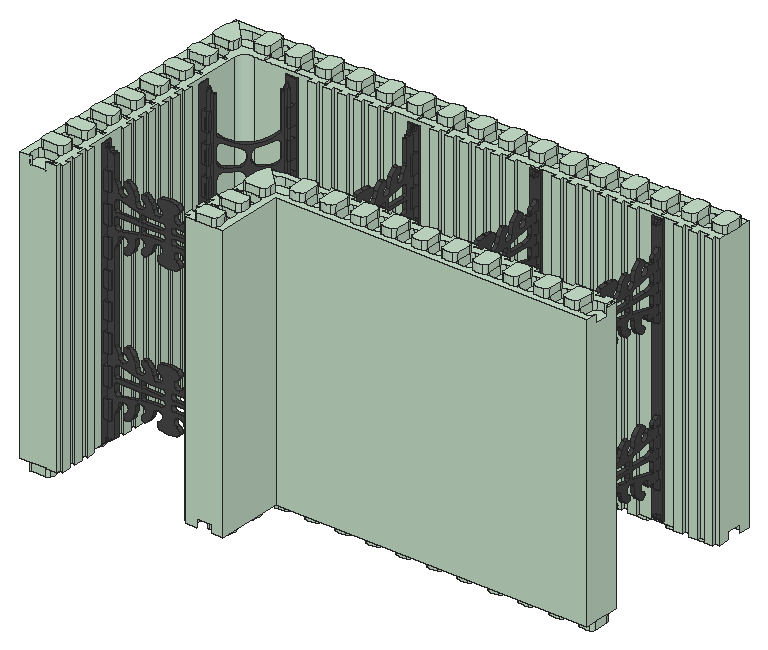
Revit family "ICF- NUDURA 8-inch- 90 Degree Form Unit- Imperial", category Generic Models, Revit 2011 (continued)
Forms (in)
  Extrusion 50, void
    sketch origin (5, 1, 0) x (-1, 0, 0) y (0, -1, 0)
      loop
        arc (-1.9334, -3.80702) -> (-1.98276, -3.88568) -> (-2, -3.97692) r 0.25
        line (-2, -3.97692) -> (-2, -4.89808)
        arc (-2, -4.89808) -> (-1.95215, -5.04517) -> (-1.82692, -5.13595) r 0.25
    from 0 to 0.5
  Extrusion 51, void
    sketch origin (7, 1, 0) x (-1, 0, 0) y (0, -1, 0)
      loop
        arc (-1.82692, -5.13595) -> (-1.5, -5.1875) -> (-1.17308, -5.13595) r 1.0625
        arc (-1.17308, -5.13595) -> (-1.04785, -5.04517) -> (-1, -4.89808) r 0.25
        line (-1, -4.89808) -> (-1, -3.97692)
        arc (-1, -3.97692) -> (-1.04785, -3.82983) -> (-1.17308, -3.73905) r 0.25
        arc (-1.17308, -3.73905) -> (-1.42092, -3.69045) -> (-1.67323, -3.70172) r 1.0625
        arc (-1.67323, -3.70172) -> (-1.72385, -3.68771) -> (-1.74592, -3.64005) r 0.0625
        line (-1.74592, -3.64005) -> (-1.74592, -3.41845) -> (-1.91675, -3.41845) -> (-1.91675, -3.76455)
        arc (-1.91675, -3.76455) -> (-1.92106, -3.78736) -> (-1.9334, -3.80702) r 0.0625
        arc (-1.9334, -3.80702) -> (-1.98276, -3.88568) -> (-2, -3.97692) r 0.25
        line (-2, -3.97692) -> (-2, -4.89808)
        arc (-2, -4.89808) -> (-1.95215, -5.04517) -> (-1.82692, -5.13595) r 0.25
    from 0 to 0.5
  Extrusion 52, void
    sketch origin (9, 1, 0) x (-1, 0, 0) y (0, -1, 0)
      loop
        arc (-1.82692, -5.13595) -> (-1.5, -5.1875) -> (-1.17308, -5.13595) r 1.0625
        arc (-1.17308, -5.13595) -> (-1.04785, -5.04517) -> (-1, -4.89808) r 0.25
        line (-1, -4.89808) -> (-1, -3.97692)
        arc (-1, -3.97692) -> (-1.04785, -3.82983) -> (-1.17308, -3.73905) r 0.25
        arc (-1.17308, -3.73905) -> (-1.42092, -3.69045) -> (-1.67323, -3.70172) r 1.0625
        arc (-1.67323, -3.70172) -> (-1.72385, -3.68771) -> (-1.74592, -3.64005) r 0.0625
        line (-1.74592, -3.64005) -> (-1.74592, -3.41845) -> (-1.91675, -3.41845) -> (-1.91675, -3.76455)
        arc (-1.91675, -3.76455) -> (-1.92106, -3.78736) -> (-1.9334, -3.80702) r 0.0625
        arc (-1.9334, -3.80702) -> (-1.98276, -3.88568) -> (-2, -3.97692) r 0.25
        line (-2, -3.97692) -> (-2, -4.89808)
        arc (-2, -4.89808) -> (-1.95215, -5.04517) -> (-1.82692, -5.13595) r 0.25
    from 0 to 0.5
  Extrusion 53, void
    sketch origin (11, 1, 0) x (-1, 0, 0) y (0, -1, 0)
      loop
        arc (-1.82692, -5.13595) -> (-1.5, -5.1875) -> (-1.17308, -5.13595) r 1.0625
        arc (-1.17308, -5.13595) -> (-1.04785, -5.04517) -> (-1, -4.89808) r 0.25
        line (-1, -4.89808) -> (-1, -3.97692)
        arc (-1, -3.97692) -> (-1.04785, -3.82983) -> (-1.17308, -3.73905) r 0.25
        arc (-1.17308, -3.73905) -> (-1.42092, -3.69045) -> (-1.67323, -3.70172) r 1.0625
        arc (-1.67323, -3.70172) -> (-1.72385, -3.68771) -> (-1.74592, -3.64005) r 0.0625
        line (-1.74592, -3.64005) -> (-1.74592, -3.41845) -> (-1.91675, -3.41845) -> (-1.91675, -3.76455)
        arc (-1.91675, -3.76455) -> (-1.92106, -3.78736) -> (-1.9334, -3.80702) r 0.0625
        arc (-1.9334, -3.80702) -> (-1.98276, -3.88568) -> (-2, -3.97692) r 0.25
        line (-2, -3.97692) -> (-2, -4.89808)
        arc (-2, -4.89808) -> (-1.95215, -5.04517) -> (-1.82692, -5.13595) r 0.25
    from 0 to 0.5
  Extrusion 54, void
    sketch origin (13, 1, 0) x (-1, 0, 0) y (0, -1, 0)
      loop
        arc (-1.82692, -5.13595) -> (-1.5, -5.1875) -> (-1.17308, -5.13595) r 1.0625
        arc (-1.17308, -5.13595) -> (-1.04785, -5.04517) -> (-1, -4.89808) r 0.25
        line (-1, -4.89808) -> (-1, -3.97692)
        arc (-1, -3.97692) -> (-1.04785, -3.82983) -> (-1.17308, -3.73905) r 0.25
        arc (-1.17308, -3.73905) -> (-1.42092, -3.69045) -> (-1.67323, -3.70172) r 1.0625
        arc (-1.67323, -3.70172) -> (-1.72385, -3.68771) -> (-1.74592, -3.64005) r 0.0625
        line (-1.74592, -3.64005) -> (-1.74592, -3.41845) -> (-1.91675, -3.41845) -> (-1.91675, -3.76455)
        arc (-1.91675, -3.76455) -> (-1.92106, -3.78736) -> (-1.9334, -3.80702) r 0.0625
        arc (-1.9334, -3.80702) -> (-1.98276, -3.88568) -> (-2, -3.97692) r 0.25
        line (-2, -3.97692) -> (-2, -4.89808)
        arc (-2, -4.89808) -> (-1.95215, -5.04517) -> (-1.82692, -5.13595) r 0.25
    from 0 to 0.5
  Extrusion 55, void
    sketch origin (15, 1, 0) x (-1, 0, 0) y (0, -1, 0)
      loop
        arc (-1.82692, -5.13595) -> (-1.5, -5.1875) -> (-1.17308, -5.13595) r 1.0625
        arc (-1.17308, -5.13595) -> (-1.04785, -5.04517) -> (-1, -4.89808) r 0.25
        line (-1, -4.89808) -> (-1, -3.97692)
        arc (-1, -3.97692) -> (-1.04785, -3.82983) -> (-1.17308, -3.73905) r 0.25
        arc (-1.17308, -3.73905) -> (-1.42092, -3.69045) -> (-1.67323, -3.70172) r 1.0625
        arc (-1.67323, -3.70172) -> (-1.72385, -3.68771) -> (-1.74592, -3.64005) r 0.0625
        line (-1.74592, -3.64005) -> (-1.74592, -3.41845) -> (-1.91675, -3.41845) -> (-1.91675, -3.76455)
        arc (-1.91675, -3.76455) -> (-1.92106, -3.78736) -> (-1.9334, -3.80702) r 0.0625
        arc (-1.9334, -3.80702) -> (-1.98276, -3.88568) -> (-2, -3.97692) r 0.25
        line (-2, -3.97692) -> (-2, -4.89808)
        arc (-2, -4.89808) -> (-1.95215, -5.04517) -> (-1.82692, -5.13595) r 0.25
    from 0 to 0.5
  Extrusion 56, void
    sketch origin (17, 1, 0) x (-1, 0, 0) y (0, -1, 0)
      loop
        arc (-1.82692, -5.13595) -> (-1.5, -5.1875) -> (-1.17308, -5.13595) r 1.0625
        arc (-1.17308, -5.13595) -> (-1.04785, -5.04517) -> (-1, -4.89808) r 0.25
        line (-1, -4.89808) -> (-1, -3.97692)
        arc (-1, -3.97692) -> (-1.04785, -3.82983) -> (-1.17308, -3.73905) r 0.25
        arc (-1.17308, -3.73905) -> (-1.42092, -3.69045) -> (-1.67323, -3.70172) r 1.0625
        arc (-1.67323, -3.70172) -> (-1.72385, -3.68771) -> (-1.74592, -3.64005) r 0.0625
        line (-1.74592, -3.64005) -> (-1.74592, -3.41845) -> (-1.91675, -3.41845) -> (-1.91675, -3.76455)
        arc (-1.91675, -3.76455) -> (-1.92106, -3.78736) -> (-1.9334, -3.80702) r 0.0625
        arc (-1.9334, -3.80702) -> (-1.98276, -3.88568) -> (-2, -3.97692) r 0.25
        line (-2, -3.97692) -> (-2, -4.89808)
        arc (-2, -4.89808) -> (-1.95215, -5.04517) -> (-1.82692, -5.13595) r 0.25
    from 0 to 0.5
  Extrusion 57, void
    sketch origin (19, 1, 0) x (-1, 0, 0) y (0, -1, 0)
      loop
        arc (-1.82692, -5.13595) -> (-1.5, -5.1875) -> (-1.17308, -5.13595) r 1.0625
        arc (-1.17308, -5.13595) -> (-1.04785, -5.04517) -> (-1, -4.89808) r 0.25
        line (-1, -4.89808) -> (-1, -3.97692)
        arc (-1, -3.97692) -> (-1.04785, -3.82983) -> (-1.17308, -3.73905) r 0.25
        arc (-1.17308, -3.73905) -> (-1.42092, -3.69045) -> (-1.67323, -3.70172) r 1.0625
        arc (-1.67323, -3.70172) -> (-1.72385, -3.68771) -> (-1.74592, -3.64005) r 0.0625
        line (-1.74592, -3.64005) -> (-1.74592, -3.41845) -> (-1.91675, -3.41845) -> (-1.91675, -3.76455)
        arc (-1.91675, -3.76455) -> (-1.92106, -3.78736) -> (-1.9334, -3.80702) r 0.0625
        arc (-1.9334, -3.80702) -> (-1.98276, -3.88568) -> (-2, -3.97692) r 0.25
        line (-2, -3.97692) -> (-2, -4.89808)
        arc (-2, -4.89808) -> (-1.95215, -5.04517) -> (-1.82692, -5.13595) r 0.25
    from 0 to 0.5
  Extrusion 58, void
    sketch origin (21, 1, 0) x (-1, 0, 0) y (0, -1, 0)
      loop
        arc (-1.82692, -5.13595) -> (-1.5, -5.1875) -> (-1.17308, -5.13595) r 1.0625
        arc (-1.17308, -5.13595) -> (-1.04785, -5.04517) -> (-1, -4.89808) r 0.25
        line (-1, -4.89808) -> (-1, -3.97692)
        arc (-1, -3.97692) -> (-1.04785, -3.82983) -> (-1.17308, -3.73905) r 0.25
        arc (-1.17308, -3.73905) -> (-1.42092, -3.69045) -> (-1.67323, -3.70172) r 1.0625
        arc (-1.67323, -3.70172) -> (-1.72385, -3.68771) -> (-1.74592, -3.64005) r 0.0625
        line (-1.74592, -3.64005) -> (-1.74592, -3.41845) -> (-1.91675, -3.41845) -> (-1.91675, -3.76455)
        arc (-1.91675, -3.76455) -> (-1.92106, -3.78736) -> (-1.9334, -3.80702) r 0.0625
        arc (-1.9334, -3.80702) -> (-1.98276, -3.88568) -> (-2, -3.97692) r 0.25
        line (-2, -3.97692) -> (-2, -4.89808)
        arc (-2, -4.89808) -> (-1.95215, -5.04517) -> (-1.82692, -5.13595) r 0.25
    from 0 to 0.5
  Extrusion 59, void
    sketch origin (23, 1, 0) x (-1, 0, 0) y (0, -1, 0)
      loop
        arc (-1.82692, -5.13595) -> (-1.5, -5.1875) -> (-1.17308, -5.13595) r 1.0625
        arc (-1.17308, -5.13595) -> (-1.04785, -5.04517) -> (-1, -4.89808) r 0.25
        line (-1, -4.89808) -> (-1, -3.97692)
        arc (-1, -3.97692) -> (-1.04785, -3.82983) -> (-1.17308, -3.73905) r 0.25
        arc (-1.17308, -3.73905) -> (-1.42092, -3.69045) -> (-1.67323, -3.70172) r 1.0625
        arc (-1.67323, -3.70172) -> (-1.72385, -3.68771) -> (-1.74592, -3.64005) r 0.0625
        line (-1.74592, -3.64005) -> (-1.74592, -3.41845) -> (-1.91675, -3.41845) -> (-1.91675, -3.76455)
        arc (-1.91675, -3.76455) -> (-1.92106, -3.78736) -> (-1.9334, -3.80702) r 0.0625
        arc (-1.9334, -3.80702) -> (-1.98276, -3.88568) -> (-2, -3.97692) r 0.25
        line (-2, -3.97692) -> (-2, -4.89808)
        arc (-2, -4.89808) -> (-1.95215, -5.04517) -> (-1.82692, -5.13595) r 0.25
    from 0 to 0.5
  Extrusion 60, void
    sketch origin (1, -19, 0) x (1, 0, 0) y (0, 1, 0)
      loop
        arc (3.97692, 9) -> (3.82983, 8.95215) -> (3.73905, 8.82692) r 0.25
        arc (3.73905, 8.82692) -> (3.69045, 8.57908) -> (3.70172, 8.32677) r 1.0625
        arc (3.70172, 8.32677) -> (3.68771, 8.27615) -> (3.64005, 8.25408) r 0.0625
        line (3.64005, 8.25408) -> (3.41845, 8.25408) -> (3.41845, 8.08325) -> (3.76455, 8.08325)
        arc (3.76455, 8.08325) -> (3.78736, 8.07894) -> (3.80702, 8.0666) r 0.0625
        arc (3.80702, 8.0666) -> (3.88568, 8.01724) -> (3.97692, 8) r 0.25
        line (3.97692, 8) -> (4.89808, 8)
        arc (4.89808, 8) -> (5.04517, 8.04785) -> (5.13595, 8.17308) r 0.25
        arc (5.13595, 8.17308) -> (5.1875, 8.5) -> (5.13595, 8.82692) r 1.0625
        arc (5.13595, 8.82692) -> (5.04517, 8.95215) -> (4.89808, 9) r 0.25
        line (4.89808, 9) -> (3.97692, 9)
    from 0 to 0.5
  Extrusion 61, void
    sketch origin (1, -17, 0) x (1, 0, 0) y (0, 1, 0)
      loop
        arc (3.97692, 9) -> (3.82983, 8.95215) -> (3.73905, 8.82692) r 0.25
        arc (3.73905, 8.82692) -> (3.69045, 8.57908) -> (3.70172, 8.32677) r 1.0625
        arc (3.70172, 8.32677) -> (3.68771, 8.27615) -> (3.64005, 8.25408) r 0.0625
        line (3.64005, 8.25408) -> (3.41845, 8.25408) -> (3.41845, 8.08325) -> (3.76455, 8.08325)
        arc (3.76455, 8.08325) -> (3.78736, 8.07894) -> (3.80702, 8.0666) r 0.0625
        arc (3.80702, 8.0666) -> (3.88568, 8.01724) -> (3.97692, 8) r 0.25
        line (3.97692, 8) -> (4.89808, 8)
        arc (4.89808, 8) -> (5.04517, 8.04785) -> (5.13595, 8.17308) r 0.25
        arc (5.13595, 8.17308) -> (5.1875, 8.5) -> (5.13595, 8.82692) r 1.0625
        arc (5.13595, 8.82692) -> (5.04517, 8.95215) -> (4.89808, 9) r 0.25
        line (4.89808, 9) -> (3.97692, 9)
    from 0 to 0.5
  Extrusion 62, void
    sketch origin (1, -1, 0) x (0, -1, 0) y (1, 0, 0)
      loop
        line (4.6875, 3.6875) -> (5.5, 3.6875)
        arc (5.5, 3.6875) -> (5.58691, 3.69106) -> (5.67323, 3.70172) r 1.0625
        arc (5.67323, 3.70172) -> (5.72385, 3.68771) -> (5.74592, 3.64005) r 0.0625
        line (5.74592, 3.64005) -> (5.74592, 3.41845) -> (5.91675, 3.41845) -> (5.91675, 3.76455)
        arc (5.91675, 3.76455) -> (5.92106, 3.78736) -> (5.9334, 3.80702) r 0.0625
        arc (5.9334, 3.80702) -> (5.98276, 3.88568) -> (6, 3.97692) r 0.25
        line (6, 3.97692) -> (6, 4.89808)
        arc (6, 4.89808) -> (5.95215, 5.04517) -> (5.82692, 5.13595) r 0.25
        arc (5.82692, 5.13595) -> (5.66548, 5.17453) -> (5.5, 5.1875) r 1.0625
        line (5.5, 5.1875) -> (5.1875, 5.1875) -> (3.98039, 3.98039)
        arc (3.98039, 3.98039) -> (4.30482, 3.76362) -> (4.6875, 3.6875) r 1
    from 0 to 0.5
  Extrusion 63, void
    sketch origin (15, -1, 0) x (-1, 0, 0) y (0, -1, 0)
      loop
        arc (7, 3.97692) -> (7.04785, 3.82983) -> (7.17308, 3.73905) r 0.25
        arc (7.17308, 3.73905) -> (7.42092, 3.69045) -> (7.67323, 3.70172) r 1.0625
        arc (7.67323, 3.70172) -> (7.72385, 3.68771) -> (7.74592, 3.64005) r 0.0625
        line (7.74592, 3.64005) -> (7.74592, 3.41845) -> (7.91675, 3.41845) -> (7.91675, 3.76455)
        arc (7.91675, 3.76455) -> (7.92106, 3.78736) -> (7.9334, 3.80702) r 0.0625
        arc (7.9334, 3.80702) -> (7.98276, 3.88568) -> (8, 3.97692) r 0.25
        line (8, 3.97692) -> (8, 4.89808)
        arc (8, 4.89808) -> (7.95215, 5.04517) -> (7.82692, 5.13595) r 0.25
        arc (7.82692, 5.13595) -> (7.5, 5.1875) -> (7.17308, 5.13595) r 1.0625
        arc (7.17308, 5.13595) -> (7.04785, 5.04517) -> (7, 4.89808) r 0.25
        line (7, 4.89808) -> (7, 3.97692)
    from 0 to 0.5
  Extrusion 64, void
    sketch origin (17, -1, 0) x (-1, 0, 0) y (0, -1, 0)
      loop
        arc (7, 3.97692) -> (7.04785, 3.82983) -> (7.17308, 3.73905) r 0.25
        arc (7.17308, 3.73905) -> (7.42092, 3.69045) -> (7.67323, 3.70172) r 1.0625
        arc (7.67323, 3.70172) -> (7.72385, 3.68771) -> (7.74592, 3.64005) r 0.0625
        line (7.74592, 3.64005) -> (7.74592, 3.41845) -> (7.91675, 3.41845) -> (7.91675, 3.76455)
        arc (7.91675, 3.76455) -> (7.92106, 3.78736) -> (7.9334, 3.80702) r 0.0625
        arc (7.9334, 3.80702) -> (7.98276, 3.88568) -> (8, 3.97692) r 0.25
        line (8, 3.97692) -> (8, 4.89808)
        arc (8, 4.89808) -> (7.95215, 5.04517) -> (7.82692, 5.13595) r 0.25
        arc (7.82692, 5.13595) -> (7.5, 5.1875) -> (7.17308, 5.13595) r 1.0625
        arc (7.17308, 5.13595) -> (7.04785, 5.04517) -> (7, 4.89808) r 0.25
        line (7, 4.89808) -> (7, 3.97692)
    from 0 to 0.5
  Extrusion 65, void
    sketch origin (19, -1, 0) x (-1, 0, 0) y (0, -1, 0)
      loop
        arc (7, 3.97692) -> (7.04785, 3.82983) -> (7.17308, 3.73905) r 0.25
        arc (7.17308, 3.73905) -> (7.42092, 3.69045) -> (7.67323, 3.70172) r 1.0625
        arc (7.67323, 3.70172) -> (7.72385, 3.68771) -> (7.74592, 3.64005) r 0.0625
        line (7.74592, 3.64005) -> (7.74592, 3.41845) -> (7.91675, 3.41845) -> (7.91675, 3.76455)
        arc (7.91675, 3.76455) -> (7.92106, 3.78736) -> (7.9334, 3.80702) r 0.0625
        arc (7.9334, 3.80702) -> (7.98276, 3.88568) -> (8, 3.97692) r 0.25
        line (8, 3.97692) -> (8, 4.89808)
        arc (8, 4.89808) -> (7.95215, 5.04517) -> (7.82692, 5.13595) r 0.25
        arc (7.82692, 5.13595) -> (7.5, 5.1875) -> (7.17308, 5.13595) r 1.0625
        arc (7.17308, 5.13595) -> (7.04785, 5.04517) -> (7, 4.89808) r 0.25
        line (7, 4.89808) -> (7, 3.97692)
    from 0 to 0.5
  Extrusion 66, void
    sketch origin (21, -1, 0) x (-1, 0, 0) y (0, -1, 0)
      loop
        arc (7, 3.97692) -> (7.04785, 3.82983) -> (7.17308, 3.73905) r 0.25
        arc (7.17308, 3.73905) -> (7.42092, 3.69045) -> (7.67323, 3.70172) r 1.0625
        arc (7.67323, 3.70172) -> (7.72385, 3.68771) -> (7.74592, 3.64005) r 0.0625
        line (7.74592, 3.64005) -> (7.74592, 3.41845) -> (7.91675, 3.41845) -> (7.91675, 3.76455)
        arc (7.91675, 3.76455) -> (7.92106, 3.78736) -> (7.9334, 3.80702) r 0.0625
        arc (7.9334, 3.80702) -> (7.98276, 3.88568) -> (8, 3.97692) r 0.25
        line (8, 3.97692) -> (8, 4.89808)
        arc (8, 4.89808) -> (7.95215, 5.04517) -> (7.82692, 5.13595) r 0.25
        arc (7.82692, 5.13595) -> (7.5, 5.1875) -> (7.17308, 5.13595) r 1.0625
        arc (7.17308, 5.13595) -> (7.04785, 5.04517) -> (7, 4.89808) r 0.25
        line (7, 4.89808) -> (7, 3.97692)
    from 0 to 0.5
  Extrusion 67, void
    sketch origin (23, -1, 0) x (-1, 0, 0) y (0, -1, 0)
      loop
        arc (7, 3.97692) -> (7.04785, 3.82983) -> (7.17308, 3.73905) r 0.25
        arc (7.17308, 3.73905) -> (7.42092, 3.69045) -> (7.67323, 3.70172) r 1.0625
        arc (7.67323, 3.70172) -> (7.72385, 3.68771) -> (7.74592, 3.64005) r 0.0625
        line (7.74592, 3.64005) -> (7.74592, 3.41845) -> (7.91675, 3.41845) -> (7.91675, 3.76455)
        arc (7.91675, 3.76455) -> (7.92106, 3.78736) -> (7.9334, 3.80702) r 0.0625
        arc (7.9334, 3.80702) -> (7.98276, 3.88568) -> (8, 3.97692) r 0.25
        line (8, 3.97692) -> (8, 4.89808)
        arc (8, 4.89808) -> (7.95215, 5.04517) -> (7.82692, 5.13595) r 0.25
        arc (7.82692, 5.13595) -> (7.5, 5.1875) -> (7.17308, 5.13595) r 1.0625
        arc (7.17308, 5.13595) -> (7.04785, 5.04517) -> (7, 4.89808) r 0.25
        line (7, 4.89808) -> (7, 3.97692)
    from 0 to 0.5
  Extrusion 68, void
    sketch origin (25, -1, 0) x (-1, 0, 0) y (0, -1, 0)
      loop
        arc (7, 3.97692) -> (7.04785, 3.82983) -> (7.17308, 3.73905) r 0.25
        arc (7.17308, 3.73905) -> (7.42092, 3.69045) -> (7.67323, 3.70172) r 1.0625
        arc (7.67323, 3.70172) -> (7.72385, 3.68771) -> (7.74592, 3.64005) r 0.0625
        line (7.74592, 3.64005) -> (7.74592, 3.41845) -> (7.91675, 3.41845) -> (7.91675, 3.76455)
        arc (7.91675, 3.76455) -> (7.92106, 3.78736) -> (7.9334, 3.80702) r 0.0625
        arc (7.9334, 3.80702) -> (7.98276, 3.88568) -> (8, 3.97692) r 0.25
        line (8, 3.97692) -> (8, 4.89808)
        arc (8, 4.89808) -> (7.95215, 5.04517) -> (7.82692, 5.13595) r 0.25
        arc (7.82692, 5.13595) -> (7.5, 5.1875) -> (7.17308, 5.13595) r 1.0625
        arc (7.17308, 5.13595) -> (7.04785, 5.04517) -> (7, 4.89808) r 0.25
        line (7, 4.89808) -> (7, 3.97692)
    from 0 to 0.5
  Extrusion 69, void
    sketch origin (27, -1, 0) x (-1, 0, 0) y (0, -1, 0)
      loop
        arc (7, 3.97692) -> (7.04785, 3.82983) -> (7.17308, 3.73905) r 0.25
        arc (7.17308, 3.73905) -> (7.42092, 3.69045) -> (7.67323, 3.70172) r 1.0625
        arc (7.67323, 3.70172) -> (7.72385, 3.68771) -> (7.74592, 3.64005) r 0.0625
        line (7.74592, 3.64005) -> (7.74592, 3.41845) -> (7.91675, 3.41845) -> (7.91675, 3.76455)
        arc (7.91675, 3.76455) -> (7.92106, 3.78736) -> (7.9334, 3.80702) r 0.0625
        arc (7.9334, 3.80702) -> (7.98276, 3.88568) -> (8, 3.97692) r 0.25
        line (8, 3.97692) -> (8, 4.89808)
        arc (8, 4.89808) -> (7.95215, 5.04517) -> (7.82692, 5.13595) r 0.25
        arc (7.82692, 5.13595) -> (7.5, 5.1875) -> (7.17308, 5.13595) r 1.0625
        arc (7.17308, 5.13595) -> (7.04785, 5.04517) -> (7, 4.89808) r 0.25
        line (7, 4.89808) -> (7, 3.97692)
    from 0 to 0.5
  Extrusion 70, void
    sketch origin (29, -1, 0) x (-1, 0, 0) y (0, -1, 0)
      loop
        arc (7, 3.97692) -> (7.04785, 3.82983) -> (7.17308, 3.73905) r 0.25
        arc (7.17308, 3.73905) -> (7.42092, 3.69045) -> (7.67323, 3.70172) r 1.0625
        arc (7.67323, 3.70172) -> (7.72385, 3.68771) -> (7.74592, 3.64005) r 0.0625
        line (7.74592, 3.64005) -> (7.74592, 3.41845) -> (7.91675, 3.41845) -> (7.91675, 3.76455)
        arc (7.91675, 3.76455) -> (7.92106, 3.78736) -> (7.9334, 3.80702) r 0.0625
        arc (7.9334, 3.80702) -> (7.98276, 3.88568) -> (8, 3.97692) r 0.25
        line (8, 3.97692) -> (8, 4.89808)
        arc (8, 4.89808) -> (7.95215, 5.04517) -> (7.82692, 5.13595) r 0.25
        arc (7.82692, 5.13595) -> (7.5, 5.1875) -> (7.17308, 5.13595) r 1.0625
        arc (7.17308, 5.13595) -> (7.04785, 5.04517) -> (7, 4.89808) r 0.25
        line (7, 4.89808) -> (7, 3.97692)
    from 0 to 0.5
  Extrusion 71, void
    sketch origin (31, -1, 0) x (-1, 0, 0) y (0, -1, 0)
      loop
        arc (7, 3.97692) -> (7.04785, 3.82983) -> (7.17308, 3.73905) r 0.25
        arc (7.17308, 3.73905) -> (7.42092, 3.69045) -> (7.67323, 3.70172) r 1.0625
        arc (7.67323, 3.70172) -> (7.72385, 3.68771) -> (7.74592, 3.64005) r 0.0625
        line (7.74592, 3.64005) -> (7.74592, 3.41845) -> (7.91675, 3.41845) -> (7.91675, 3.76455)
        arc (7.91675, 3.76455) -> (7.92106, 3.78736) -> (7.9334, 3.80702) r 0.0625
        arc (7.9334, 3.80702) -> (7.98276, 3.88568) -> (8, 3.97692) r 0.25
        line (8, 3.97692) -> (8, 4.89808)
        arc (8, 4.89808) -> (7.95215, 5.04517) -> (7.82692, 5.13595) r 0.25
        arc (7.82692, 5.13595) -> (7.5, 5.1875) -> (7.17308, 5.13595) r 1.0625
        arc (7.17308, 5.13595) -> (7.04785, 5.04517) -> (7, 4.89808) r 0.25
        line (7, 4.89808) -> (7, 3.97692)
    from 0 to 0.5
  Extrusion 72, void
    sketch origin (33, -1, 0) x (-1, 0, 0) y (0, -1, 0)
      loop
        arc (7, 3.97692) -> (7.04785, 3.82983) -> (7.17308, 3.73905) r 0.25
        arc (7.17308, 3.73905) -> (7.42092, 3.69045) -> (7.67323, 3.70172) r 1.0625
        arc (7.67323, 3.70172) -> (7.72385, 3.68771) -> (7.74592, 3.64005) r 0.0625
        line (7.74592, 3.64005) -> (7.74592, 3.41845) -> (7.91675, 3.41845) -> (7.91675, 3.76455)
        arc (7.91675, 3.76455) -> (7.92106, 3.78736) -> (7.9334, 3.80702) r 0.0625
        arc (7.9334, 3.80702) -> (7.98276, 3.88568) -> (8, 3.97692) r 0.25
        line (8, 3.97692) -> (8, 4.89808)
        arc (8, 4.89808) -> (7.95215, 5.04517) -> (7.82692, 5.13595) r 0.25
        arc (7.82692, 5.13595) -> (7.5, 5.1875) -> (7.17308, 5.13595) r 1.0625
        arc (7.17308, 5.13595) -> (7.04785, 5.04517) -> (7, 4.89808) r 0.25
        line (7, 4.89808) -> (7, 3.97692)
    from 0 to 0.5
  Extrusion 73, void
    sketch origin (-1, 1, 0) x (1, 0, 0) y (0, 1, 0)
      loop
        line (-3.6875, 3.6875) -> (-4.89461, 4.89461)
        arc (-4.89461, 4.89461) -> (-5.11138, 4.57018) -> (-5.1875, 4.1875) r 1
        line (-5.1875, 4.1875) -> (-5.1875, 3.5)
        arc (-5.1875, 3.5) -> (-5.17453, 3.33452) -> (-5.13595, 3.17308) r 1.0625
        arc (-5.13595, 3.17308) -> (-5.04517, 3.04785) -> (-4.89808, 3) r 0.25
        line (-4.89808, 3) -> (-3.97692, 3)
        arc (-3.97692, 3) -> (-3.82983, 3.04785) -> (-3.73905, 3.17308) r 0.25
        arc (-3.73905, 3.17308) -> (-3.70047, 3.33452) -> (-3.6875, 3.5) r 1.0625
        line (-3.6875, 3.5) -> (-3.6875, 3.6875)
    from 0 to 0.5
  Extrusion 74, solid, material "NUDURA Expanded Polystyrene Foam Insulation"
    sketch origin (1, -1, 0) x (1, 0, 0) y (0, 1, 0)
      loop
        line (5.1875, -5.1875) -> (5.5, -5.1875)
        arc (5.5, -5.1875) -> (5.66548, -5.17453) -> (5.82692, -5.13595) r 1.0625
        arc (5.82692, -5.13595) -> (5.95215, -5.04517) -> (6, -4.89808) r 0.25
        line (6, -4.89808) -> (6, -3.97692)
        arc (6, -3.97692) -> (5.98276, -3.88568) -> (5.9334, -3.80702) r 0.25
        arc (5.9334, -3.80702) -> (5.88453, -3.7662) -> (5.82692, -3.73905) r 0.25
        arc (5.82692, -3.73905) -> (5.75077, -3.71752) -> (5.67323, -3.70172) r 1.0625
        arc (5.67323, -3.70172) -> (5.58691, -3.69106) -> (5.5, -3.6875) r 1.0625
        line (5.5, -3.6875) -> (4.6875, -3.6875)
        arc (4.6875, -3.6875) -> (4.30482, -3.76362) -> (3.98039, -3.98039) r 1
        line (3.98039, -3.98039) -> (5.1875, -5.1875)
    from 0 to -0.5
  Extrusion 75, solid, material "NUDURA Expanded Polystyrene Foam Insulation"
    sketch origin (-1, 1, 0) x (1, 0, 0) y (0, 1, 0)
      loop
        arc (-4.1875, 5.1875) -> (-4.57018, 5.11138) -> (-4.89461, 4.89461) r 1
        line (-4.89461, 4.89461) -> (-3.6875, 3.6875) -> (-3.5, 3.6875)
        arc (-3.5, 3.6875) -> (-3.33452, 3.70047) -> (-3.17308, 3.73905) r 1.0625
        arc (-3.17308, 3.73905) -> (-3.04785, 3.82983) -> (-3, 3.97692) r 0.25
        line (-3, 3.97692) -> (-3, 4.89808)
        arc (-3, 4.89808) -> (-3.04785, 5.04517) -> (-3.17308, 5.13595) r 0.25
        arc (-3.17308, 5.13595) -> (-3.33452, 5.17453) -> (-3.5, 5.1875) r 1.0625
        line (-3.5, 5.1875) -> (-4.1875, 5.1875)
    from 0 to -0.5
  Extrusion 76, void
    sketch origin (-1, -1, 0) x (1, 0, 0) y (0, 1, 0)
      loop
        arc (-5.13595, -9.82692) -> (-5.04517, -9.95215) -> (-4.89808, -10) r 0.25
        line (-4.89808, -10) -> (-3.97692, -10)
        arc (-3.97692, -10) -> (-3.88568, -9.98276) -> (-3.80702, -9.9334) r 0.25
        arc (-3.80702, -9.9334) -> (-3.78736, -9.92106) -> (-3.76455, -9.91675) r 0.0625
        line (-3.76455, -9.91675) -> (-3.41845, -9.91675) -> (-3.41845, -9.74592) -> (-3.64005, -9.74592)
        arc (-3.64005, -9.74592) -> (-3.68771, -9.72385) -> (-3.70172, -9.67323) r 0.0625
        arc (-3.70172, -9.67323) -> (-3.69045, -9.42092) -> (-3.73905, -9.17308) r 1.0625
        arc (-3.73905, -9.17308) -> (-3.82983, -9.04785) -> (-3.97692, -9) r 0.25
        line (-3.97692, -9) -> (-4.89808, -9)
        arc (-4.89808, -9) -> (-5.04517, -9.04785) -> (-5.13595, -9.17308) r 0.25
        arc (-5.13595, -9.17308) -> (-5.1875, -9.5) -> (-5.13595, -9.82692) r 1.0625
    from 18 to 17.5
  Extrusion 77, void
    sketch origin (27, 1, 0) x (1, 0, 0) y (0, 1, 0)
      loop
        arc (-1.82692, 5.13595) -> (-1.95215, 5.04517) -> (-2, 4.89808) r 0.25
        line (-2, 4.89808) -> (-2, 3.97692)
        arc (-2, 3.97692) -> (-1.98276, 3.88568) -> (-1.9334, 3.80702) r 0.25
        arc (-1.9334, 3.80702) -> (-1.92106, 3.78736) -> (-1.91675, 3.76455) r 0.0625
        line (-1.91675, 3.76455) -> (-1.91675, 3.41845) -> (-1.74592, 3.41845) -> (-1.74592, 3.64005)
        arc (-1.74592, 3.64005) -> (-1.72385, 3.68771) -> (-1.67323, 3.70172) r 0.0625
        arc (-1.67323, 3.70172) -> (-1.42092, 3.69045) -> (-1.17308, 3.73905) r 1.0625
        arc (-1.17308, 3.73905) -> (-1.04785, 3.82983) -> (-1, 3.97692) r 0.25
        line (-1, 3.97692) -> (-1, 4.89808)
        arc (-1, 4.89808) -> (-1.04785, 5.04517) -> (-1.17308, 5.13595) r 0.25
        arc (-1.17308, 5.13595) -> (-1.5, 5.1875) -> (-1.82692, 5.13595) r 1.0625
    from 18 to 17.5
  Extrusion 78, void
    sketch origin (25, 1, 0) x (-1, 0, 0) y (0, -1, 0)
      loop
        arc (-1.82692, -5.13595) -> (-1.5, -5.1875) -> (-1.17308, -5.13595) r 1.0625
        arc (-1.17308, -5.13595) -> (-1.04785, -5.04517) -> (-1, -4.89808) r 0.25
        line (-1, -4.89808) -> (-1, -3.97692)
        arc (-1, -3.97692) -> (-1.04785, -3.82983) -> (-1.17308, -3.73905) r 0.25
        arc (-1.17308, -3.73905) -> (-1.42092, -3.69045) -> (-1.67323, -3.70172) r 1.0625
        arc (-1.67323, -3.70172) -> (-1.72385, -3.68771) -> (-1.74592, -3.64005) r 0.0625
        line (-1.74592, -3.64005) -> (-1.74592, -3.41845) -> (-1.91675, -3.41845) -> (-1.91675, -3.76455)
        arc (-1.91675, -3.76455) -> (-1.92106, -3.78736) -> (-1.9334, -3.80702) r 0.0625
        arc (-1.9334, -3.80702) -> (-1.98276, -3.88568) -> (-2, -3.97692) r 0.25
        line (-2, -3.97692) -> (-2, -4.89808)
        arc (-2, -4.89808) -> (-1.95215, -5.04517) -> (-1.82692, -5.13595) r 0.25
    from 0 to 0.5
  Extrusion 79, void
    sketch origin (-1, 2.40791, 0) x (1, 0, 0) y (0, 1, 0)
      loop
        arc (-5.13595, -11.58099) -> (-5.1875, -11.90791) -> (-5.13595, -12.23483) r 1.0625
        arc (-5.13595, -12.23483) -> (-5.04517, -12.36006) -> (-4.89808, -12.40791) r 0.25
        line (-4.89808, -12.40791) -> (-3.97692, -12.40791)
        arc (-3.97692, -12.40791) -> (-3.82983, -12.36006) -> (-3.73905, -12.23483) r 0.25
        arc (-3.73905, -12.23483) -> (-3.69045, -11.98699) -> (-3.70172, -11.73468) r 1.0625
        arc (-3.70172, -11.73468) -> (-3.68771, -11.68406) -> (-3.64005, -11.66199) r 0.0625
        line (-3.64005, -11.66199) -> (-3.41845, -11.66199) -> (-3.41845, -11.49116) -> (-3.76455, -11.49116)
        arc (-3.76455, -11.49116) -> (-3.78736, -11.48685) -> (-3.80702, -11.47451) r 0.0625
        arc (-3.80702, -11.47451) -> (-3.88568, -11.42516) -> (-3.97692, -11.40791) r 0.25
        line (-3.97692, -11.40791) -> (-4.89808, -11.40791)
        arc (-4.89808, -11.40791) -> (-5.04517, -11.45576) -> (-5.13595, -11.58099) r 0.25
    from 0 to 0.5
Cuts and joins
  Extrusion 4, Extrusion 5, Extrusion 6, Extrusion 7, Extrusion 8, Extrusion 9, Extrusion 10, Extrusion 11, Extrusion 12, Extrusion 13, Extrusion 14, Extrusion 15, Extrusion 16, Extrusion 17, Extrusion 18, Extrusion 19, Extrusion 20, Extrusion 21, Extrusion 22, Extrusion 23, Extrusion 24, Extrusion 25, Extrusion 26, Extrusion 27, Extrusion 28, Extrusion 29, Extrusion 30, Extrusion 31, Extrusion 32, Extrusion 33, Extrusion 34, Extrusion 35, Extrusion 36, Extrusion 37, Extrusion 38, Extrusion 39, Extrusion 40, Extrusion 41, Extrusion 42, Extrusion 43, Extrusion 44, Extrusion 45, Extrusion 46, Extrusion 47, Extrusion 48, Extrusion 49, Extrusion 50, Extrusion 51, Extrusion 52, Extrusion 53, Extrusion 54, Extrusion 55, Extrusion 56, Extrusion 57, Extrusion 58, Extrusion 59, Extrusion 60, Extrusion 61, Extrusion 62, Extrusion 63, Extrusion 64, Extrusion 65, Extrusion 66, Extrusion 67, Extrusion 68, Extrusion 69, Extrusion 70, Extrusion 71, Extrusion 72, Extrusion 73, Extrusion 76, Extrusion 77, Extrusion 78, Extrusion 79 cuts Extrusion 1
  Extrusion 10, Extrusion 13 cuts Extrusion 3
  Extrusion 14 cuts Extrusion 2
Lines and regions (in)
  model lines
    curve 1: line (-4.625, -2, 18) -> (-4.625, -2, 0)
    curve 2: line (17.9334, 4.625, 18) -> (17.9334, 4.625, 0)
    curve 3: line (2, 4.625, 0) -> (2, 4.625, 18)
    curve 4: line (19.00256, 6.625, 18) -> (19.00256, 6.625, 0)
    curve 5: line (3, 6.625, 18) -> (3, 6.625, 0)
    curve 6: line (-6.625, 5, 18) -> (-6.625, 5, 0)
Dimensions and locks (in)
  locked: plane 4 to plane 5 at 8
  locked: plane 7 to plane 6 at 8
  locked: level to plane 10 at 18
  aligned and locked: plane 10 to Extrusion 1
  aligned and locked: nested 75 to cut or joined group 1 (Extrusion 1, Extrusion 4, Extrusion 5, Extrusion 6, Extrusion 7, Extrusion 8, Extrusion 9, Extrusion 10, Extrusion 11, Extrusion 12, Extrusion 13, Extrusion 14, Extrusion 15, Extrusion 16, Extrusion 17, Extrusion 18, Extrusion 19, Extrusion 20, Extrusion 21, Extrusion 22, Extrusion 23, Extrusion 24, Extrusion 25, Extrusion 26, Extrusion 27, Extrusion 28, Extrusion 29, Extrusion 30, Extrusion 31, Extrusion 32, Extrusion 33, Extrusion 34, Extrusion 35, Extrusion 36, Extrusion 37, Extrusion 38, Extrusion 39, Extrusion 40, Extrusion 41, Extrusion 42, Extrusion 43, Extrusion 44, Extrusion 45, Extrusion 46, Extrusion 47, Extrusion 48, Extrusion 49, Extrusion 50, Extrusion 51, Extrusion 52, Extrusion 53, Extrusion 54, Extrusion 55, Extrusion 56, Extrusion 57, Extrusion 58, Extrusion 59, Extrusion 60, Extrusion 61, Extrusion 62, Extrusion 63, Extrusion 64, Extrusion 65, Extrusion 66, Extrusion 67, Extrusion 68, Extrusion 69, Extrusion 70, Extrusion 71, Extrusion 72, Extrusion 73, Extrusion 76, Extrusion 77, Extrusion 78, Extrusion 79)
  aligned and locked: nested 81 to nested 75
  aligned and locked: cut or joined group 1 to nested 82
  aligned and locked: cut or joined group 1 to nested 84
  aligned and locked: cut or joined group 1 to nested 83
  aligned and locked: nested 85 to cut or joined group 1
Nested families (in)
  nested 1: "Interlock Tooth" at (-1, -7, 0) x (0, -1, 0) z (0, 0, 1), type "Interlock Tooth"
  nested 2: "Interlock Tooth" at (-1, -5, 0) x (0, -1, 0) z (0, 0, 1), type "Interlock Tooth"
  nested 3: "Interlock Tooth" at (-1, -3, 0) x (0, -1, 0) z (0, 0, 1), type "Interlock Tooth"
  nested 4: "Interlock Tooth" at (-1, -1, 0) x (0, -1, 0) z (0, 0, 1), type "Interlock Tooth"
  nested 5: "Interlock Tooth" at (-1, 1, 0) x (0, -1, 0) z (0, 0, 1), type "Interlock Tooth"
  nested 6: "Interlock Tooth" at (-1, 3, 0) x (0, -1, 0) z (0, 0, 1), type "Interlock Tooth"
  nested 7: "Interlock Tooth" at (1, -10, 0) x (0, -1, 0) z (0, 0, 1), type "Interlock Tooth"
  nested 8: "Interlock Tooth" at (1, -8, 0) x (0, -1, 0) z (0, 0, 1), type "Interlock Tooth"
  nested 9: "Interlock Tooth" at (1, -9, -18.5) x (0, -1, 0) z (0, 0, 1), type "Interlock Tooth"
  nested 10: "Interlock Tooth" at (1, -7, -18.5) x (0, -1, 0) z (0, 0, 1), type "Interlock Tooth"
  nested 11: "Interlock Tooth" at (-9.875, -8, -18.5) x (0, -1, 0) z (0, 0, 1), type "Interlock Tooth"
  nested 12: "Interlock Tooth" at (-9.875, -6, -18.5) x (0, -1, 0) z (0, 0, 1), type "Interlock Tooth"
  nested 13: "Interlock Tooth" at (-9.875, -4, -18.5) x (0, -1, 0) z (0, 0, 1), type "Interlock Tooth"
  nested 14: "Interlock Tooth" at (-9.875, -2, -18.5) x (0, -1, 0) z (0, 0, 1), type "Interlock Tooth"
  nested 15: "Interlock Tooth" at (-9.875, 0, -18.5) x (0, -1, 0) z (0, 0, 1), type "Interlock Tooth"
  nested 16: "Interlock Tooth" at (-9.875, 2, -18.5) x (0, -1, 0) z (0, 0, 1), type "Interlock Tooth"
  nested 17: "Interlock Tooth" at (-9.875, 4, -18.5) x (0, -1, 0) z (0, 0, 1), type "Interlock Tooth"
  nested 18: "Interlock Tooth" at (7, -1, 0), type "Interlock Tooth"
  nested 19: "Interlock Tooth" at (9, -1, 0), type "Interlock Tooth"
  nested 20: "Interlock Tooth" at (11, -1, 0), type "Interlock Tooth"
  nested 21: "Interlock Tooth" at (13, -1, 0), type "Interlock Tooth"
  nested 22: "Interlock Tooth" at (15, -1, 0), type "Interlock Tooth"
  nested 23: "Interlock Tooth" at (17, -1, 0), type "Interlock Tooth"
  nested 24: "Interlock Tooth" at (19, -1, 0), type "Interlock Tooth"
  nested 25: "Interlock Tooth" at (21, -1, 0), type "Interlock Tooth"
  nested 26: "Interlock Tooth" at (23, -1, 0), type "Interlock Tooth"
  nested 27: "Interlock Tooth" at (25, -1, 0), type "Interlock Tooth"
  nested 28: "Interlock Tooth" at (-4, 1, 0), type "Interlock Tooth"
  nested 29: "Interlock Tooth" at (-2, 1, 0), type "Interlock Tooth"
  nested 30: "Interlock Tooth" at (0, 1, 0), type "Interlock Tooth"
  nested 31: "Interlock Tooth" at (2, 1, 0), type "Interlock Tooth"
  nested 32: "Interlock Tooth" at (4, 1, 0), type "Interlock Tooth"
  nested 33: "Interlock Tooth" at (6, 1, 0), type "Interlock Tooth"
  nested 34: "Interlock Tooth" at (8, 1, 0), type "Interlock Tooth"
  nested 35: "Interlock Tooth" at (10, 1, 0), type "Interlock Tooth"
  nested 36: "Interlock Tooth" at (12, 1, 0), type "Interlock Tooth"
  nested 37: "Interlock Tooth" at (14, 1, 0), type "Interlock Tooth"
  nested 38: "Interlock Tooth" at (16, 1, 0), type "Interlock Tooth"
  nested 39: "Interlock Tooth" at (18, 1, 0), type "Interlock Tooth"
  nested 40: "Interlock Tooth" at (20, 1, 0), type "Interlock Tooth"
  nested 41: "Interlock Tooth" at (22, 1, 0), type "Interlock Tooth"
  nested 42: "Interlock Tooth" at (24, 1, 0), type "Interlock Tooth"
  nested 43: "Interlock Tooth" at (8, -9.875, -18.5), type "Interlock Tooth"
  nested 44: "Interlock Tooth" at (10, -9.875, -18.5), type "Interlock Tooth"
  nested 45: "Interlock Tooth" at (12, -9.875, -18.5), type "Interlock Tooth"
  nested 46: "Interlock Tooth" at (14, -9.875, -18.5), type "Interlock Tooth"
  nested 47: "Interlock Tooth" at (16, -9.875, -18.5), type "Interlock Tooth"
  nested 48: "Interlock Tooth" at (18, -9.875, -18.5), type "Interlock Tooth"
  nested 49: "Interlock Tooth" at (20, -9.875, -18.5), type "Interlock Tooth"
  nested 50: "Interlock Tooth" at (22, -9.875, -18.5), type "Interlock Tooth"
  nested 51: "Interlock Tooth" at (24, -9.875, -18.5), type "Interlock Tooth"
  nested 52: "Interlock Tooth" at (26, -9.875, -18.5), type "Interlock Tooth"
  nested 53: "Interlock Tooth" at (-3, 1, -18.5), type "Interlock Tooth"
  nested 54: "Interlock Tooth" at (-1, 1, -18.5), type "Interlock Tooth"
  nested 55: "Interlock Tooth" at (1, 1, -18.5), type "Interlock Tooth"
  nested 56: "Interlock Tooth" at (3, 1, -18.5), type "Interlock Tooth"
  nested 57: "Interlock Tooth" at (5, 1, -18.5), type "Interlock Tooth"
  nested 58: "Interlock Tooth" at (7, 1, -18.5), type "Interlock Tooth"
  nested 59: "Interlock Tooth" at (9, 1, -18.5), type "Interlock Tooth"
  nested 60: "Interlock Tooth" at (11, 1, -18.5), type "Interlock Tooth"
  nested 61: "Interlock Tooth" at (13, 1, -18.5), type "Interlock Tooth"
  nested 62: "Interlock Tooth" at (15, 1, -18.5), type "Interlock Tooth"
  nested 63: "Interlock Tooth" at (17, 1, -18.5), type "Interlock Tooth"
  nested 64: "Interlock Tooth" at (19, 1, -18.5), type "Interlock Tooth"
  nested 65: "Interlock Tooth" at (21, 1, -18.5), type "Interlock Tooth"
  nested 66: "Interlock Tooth" at (23, 1, -18.5), type "Interlock Tooth"
  nested 67: "NUDURA Diamond Pattern" at (19, -1, 0), type "NUDURA Diamond Pattern"
  nested 68: "NUDURA Diamond Pattern" at (19, 12.25, 0), type "NUDURA Diamond Pattern"
  nested 69: "NUDURA Diamond Pattern" at (3, 12.25, 0), type "NUDURA Diamond Pattern"
  nested 70: "Capture Lug" at (-1, 1, 0) x (-1, 0, 0) z (0, 0, 1), type "Capture Lugs"
  nested 71: "Capture Lug" at (-1, 1, 0) x (0, -1, 0) z (0, 0, 1), type "Capture Lugs"
  nested 72: "NUDURA Diamond Pattern Missing Two lines" at (1, -11, 0) x (0, 1, 0) z (0, 0, 1), type "NUDURA Diamond Pattern minus Two lines"
  nested 73: "NUDURA Diamond Pattern Missing Left Line" at (3, -1, 0), type "NUDURA Diamond Pattern missing left line"
  nested 74: "NUDURA Logo Diamond" at (3.00256, -6.625, 0), type "NUDURA Logo Diamond"
  nested 75: "NUDURA Logo Diamond" at (-6.625, 4.99744, 0) x (0, -1, 0) z (0, 0, 1), type "NUDURA Logo Diamond"
  nested 76: "NUDURA Logo Diamond" at (27, 6.625, 0) x (-1, 0, 0) z (0, 0, 1), type "NUDURA Logo Diamond"
  nested 77: "Interlock Tooth" at (-1, -9, 0) x (0, -1, 0) z (0, 0, 1), type "Interlock Tooth"
  nested 78: "Interlock Tooth" at (26, 1, 0), type "Interlock Tooth"
  nested 79: "Interlock Tooth" at (25, 1, -18.5), type "Interlock Tooth"
  nested 80: "Interlock Tooth" at (-9.875, -10, -18.5) x (0, -1, 0) z (0, 0, 1), type "Interlock Tooth"
  nested 81: "NUDURA Diamond Pattern" at (-1, 5, 0) x (0, -1, 0) z (0, 0, 1), type "NUDURA Diamond Pattern"
  nested 82: "NUDURA Logo Diamond" at (10.99744, 6.625, 0) x (-1, 0, 0) z (0, 0, 1), type "NUDURA Logo Diamond"
  nested 83: "8-inch Web" at (23, 0, 0), type "8-inch Web"
  nested 84: "8-inch Web" at (15, 0, 0), type "8-inch Web"
  nested 85: "8-inch Insert Web" at (0, -7, 0) x (0, 1, 0) z (0, 0, 1), type "8-inch Insert Web"
  nested 86: "8-inch Insert Web" at (7, 0, 0), type "8-inch Insert Web"
  nested 87: "NUDURA 8-inch Corner Insert Web" at (-2.24653, 2.24653, 0.42234) x (-0.7071, 0.7071, 0) z (0, 0, 1), type "NUDURA 8-inch Corner Insert Web"
Definition of nested family "Interlock Tooth"
  Reference planes (in)
    plane 1 "Center (Front/Back)": y = 0
    plane 2: z = 0
    plane 3 "Center (Left/Right)": x = 0
    plane 4: z = 18
    plane 5: z = 18.5
    plane 6: z = -0.5
  Forms (in)
    Extrusion 1, solid, material "NUDURA Expanded Polystyrene Foam Insulation"
      sketch origin (0, -8.875, 0) x (1, 0, 0) y (0, 1, 0)
        loop
          arc (0, 3.97692) -> (0.04785, 3.82983) -> (0.17308, 3.73905) r 0.25
          arc (0.17308, 3.73905) -> (0.5, 3.6875) -> (0.82692, 3.73905) r 1.0625
          arc (0.82692, 3.73905) -> (0.95215, 3.82983) -> (1, 3.97692) r 0.25
          line (1, 3.97692) -> (1, 4.89808)
          arc (1, 4.89808) -> (0.95215, 5.04517) -> (0.82692, 5.13595) r 0.25
          arc (0.82692, 5.13595) -> (0.5, 5.1875) -> (0.17308, 5.13595) r 1.0625
          arc (0.17308, 5.13595) -> (0.04785, 5.04517) -> (0, 4.89808) r 0.25
          line (0, 4.89808) -> (0, 3.97692)
      from 18 to 18.5
  Dimensions and locks (in)
    locked: plane 4 to level at 18
    locked: plane 4 to plane 5 at 0.5
    locked: plane 6 to level at 0.5
Definition of nested family "Capture Lug"
  Reference planes (in)
    plane 1 "Center (Front/Back)": y = 0
    plane 2: z = 0
    plane 3 "Center (Left/Right)": x = 0
  Forms (in)
    Extrusion 1, solid, material "High Density Polystyrene"
      sketch origin (0, 0, 0) x (0, 1, 0) y (0, 0, 1)
        loop
          arc (-3.25, 0) -> (-3.22112, 0.01975) -> (-3.21, 0.05292) r 0.055
          line (-3.21, 0.05292) -> (-3.21, 17.69292)
          arc (-3.21, 17.69292) -> (-3.22112, 17.72608) -> (-3.25, 17.74583) r 0.055
          line (-3.25, 17.74583) -> (-3.25, 0)
      from 0.36328 to -0.36328
    Extrusion 2, solid, material "High Density Polystyrene"
      sketch origin (0, 0, 0) x (0, 1, 0) y (0, 0, 1)
        loop
          line (-3.21, 16.17792) -> (-3.21, 14.97792) -> (-2.71, 14.97792) -> (-2.71, 16.17792) -> (-3.21, 16.17792)
        loop
          line (-3.21, 14.22792) -> (-3.21, 13.02792) -> (-2.71, 13.02792) -> (-2.71, 14.22792) -> (-3.21, 14.22792)
        loop
          line (-3.21, 12.27792) -> (-3.21, 11.07792) -> (-2.71, 11.07792) -> (-2.71, 12.27792) -> (-3.21, 12.27792)
        loop
          line (-3.21, 10.32792) -> (-3.21, 9.24792) -> (-2.71, 9.24792) -> (-2.71, 10.32792) -> (-3.21, 10.32792)
        loop
          line (-3.21, 8.49792) -> (-3.21, 7.41792) -> (-2.71, 7.41792) -> (-2.71, 8.49792) -> (-3.21, 8.49792)
        loop
          line (-3.21, 6.66792) -> (-3.21, 5.46792) -> (-2.71, 5.46792) -> (-2.71, 6.66792) -> (-3.21, 6.66792)
        loop
          line (-3.21, 4.71792) -> (-3.21, 3.51792) -> (-2.71, 3.51792) -> (-2.71, 4.71792) -> (-3.21, 4.71792)
        loop
          line (-3.21, 2.76792) -> (-3.21, 1.56792) -> (-2.71, 1.56792) -> (-2.71, 2.76792) -> (-3.21, 2.76792)
      from 0.25 to -0.25
    Extrusion 3, void
      sketch origin (0, 0, 0) x (1, 0, 0) y (0, 1, 0)
        loop
          arc (-0.25, -2.79249) -> (-0.22584, -2.73416) -> (-0.1675, -2.71) r 0.0825
          line (-0.1675, -2.71) -> (-0.25, -2.71) -> (-0.25, -2.79249)
      from 0 to 18
    Extrusion 4, void
      sketch origin (0, 0, 0) x (-1, 0, 0) y (0, -1, 0)
        loop
          line (-0.25, 2.79249) -> (-0.25, 2.71) -> (-0.1675, 2.71)
          arc (-0.1675, 2.71) -> (-0.22584, 2.73416) -> (-0.25, 2.79249) r 0.0825
      from 0 to 18
    Extrusion 5, void
      sketch origin (0, 0, 0) x (1, 0, 0) y (0, 1, 0)
        loop
          arc (-0.04687, -2.835) -> (0, -3.07587) -> (0.04688, -2.835) r 0.125
          line (0.04688, -2.835) -> (0.04688, -2.71) -> (-0.04687, -2.71) -> (-0.04687, -2.835)
      from 0 to 18
  Cuts and joins
    Extrusion 3, Extrusion 4 cuts Extrusion 1
    Extrusion 3, Extrusion 4, Extrusion 5 cuts Extrusion 2
Definition of nested family "8-inch Web"
  Reference planes (in)
    plane 1 "Center (Front/Back)": y = 0
    plane 2: z = 0
    plane 3 "Center (Left/Right)": x = 0
  Forms (in)
    Extrusion 1, solid, material "Polypropylene"
      sketch origin (0, 0, -0.5) x (0, 1, 0) y (0, 0, 1)
        loop
          arc (4.185, 0.98503) -> (4.17874, 0.9705) -> (4.16389, 0.96506) r 0.02
          line (4.16389, 0.96506) -> (4.00611, 0.97383)
          arc (4.00611, 0.97383) -> (3.99126, 0.96839) -> (3.985, 0.95386) r 0.02
          line (3.985, 0.95386) -> (3.985, 0.88265)
          arc (3.985, 0.88265) -> (3.98914, 0.86744) -> (4.00043, 0.85643) r 0.03
          line (4.00043, 0.85643) -> (4.16957, 0.76246)
          arc (4.16957, 0.76246) -> (4.18086, 0.75145) -> (4.185, 0.73624) r 0.03
          line (4.185, 0.73624) -> (4.185, 0.98503)
        loop
          line (-4.185, 0.98503) -> (-4.185, 0.73624)
          arc (-4.185, 0.73624) -> (-4.18086, 0.75145) -> (-4.16957, 0.76246) r 0.03
          line (-4.16957, 0.76246) -> (-4.00043, 0.85643)
          arc (-4.00043, 0.85643) -> (-3.98914, 0.86744) -> (-3.985, 0.88265) r 0.03
          line (-3.985, 0.88265) -> (-3.985, 0.95386)
          arc (-3.985, 0.95386) -> (-3.99126, 0.96839) -> (-4.00611, 0.97383) r 0.02
          line (-4.00611, 0.97383) -> (-4.16389, 0.96506)
          arc (-4.16389, 0.96506) -> (-4.17874, 0.9705) -> (-4.185, 0.98503) r 0.02
        loop
          line (4.02082, 15.41943) -> (4.02082, 15.9194) -> (3.91022, 15.9194) -> (3.91022, 15.98943) -> (4.15332, 15.98943)
          arc (4.15332, 15.98943) -> (4.16974, 15.98724) -> (4.185, 15.98081) r 0.0625
          line (4.185, 15.98081) -> (4.185, 16.6537)
          arc (4.185, 16.6537) -> (4.06705, 16.47067) -> (3.88249, 16.35513) r 0.5
          arc (3.88249, 16.35513) -> (3.7617, 16.26377) -> (3.71582, 16.11943) r 0.25
          line (3.71582, 16.11943) -> (3.71582, 16.05193)
          arc (3.71582, 16.05193) -> (3.73413, 16.00774) -> (3.77832, 15.98943) r 0.0625
          line (3.77832, 15.98943) -> (3.83556, 15.98943) -> (3.83556, 15.9194) -> (3.72137, 15.9194)
          arc (3.72137, 15.9194) -> (3.54907, 15.94401) -> (3.38367, 15.9982) r 0.99729
          arc (3.38367, 15.9982) -> (3.28181, 15.9763) -> (3.25886, 15.87467) r 0.09677
          arc (3.25886, 15.87467) -> (2.80729, 15.53425) -> (2.82496, 16.09948) r 0.31353
          arc (2.82496, 16.09948) -> (2.94751, 16.38546) -> (2.66153, 16.50801) r 0.22
          arc (2.66153, 16.50801) -> (2.42388, 16.35527) -> (2.26931, 16.11881) r 0.67666
          arc (2.26931, 16.11881) -> (2.18004, 15.8095) -> (2.13361, 15.49094) r 2.36477
          arc (2.13361, 15.49094) -> (1.64814, 15.24396) -> (1.68267, 15.78755) r 0.31353
          arc (1.68267, 15.78755) -> (1.7612, 16.07491) -> (1.47916, 16.17081) r 0.21738
          arc (1.47916, 16.17081) -> (1.27447, 16.01742) -> (1.13325, 15.80415) r 0.74993
          line (1.13325, 15.80415) -> (0.99061, 15.41731)
          arc (0.99061, 15.41731) -> (0.48493, 15.24918) -> (0.55907, 15.7769) r 0.31353
          arc (0.55907, 15.7769) -> (0.73529, 16.04091) -> (0.53596, 16.28794) r 0.26801
          arc (0.53596, 16.28794) -> (0.30102, 16.3352) -> (0.06182, 16.35) r 1.75402
          arc (0.06182, 16.35) -> (0.03091, 16.34993) -> (0, 16.34932) r 1.75402
          arc (0, 16.34932) -> (-0.03091, 16.34993) -> (-0.06182, 16.35) r 1.75402
          arc (-0.06182, 16.35) -> (-0.30102, 16.3352) -> (-0.53596, 16.28794) r 1.75402
          arc (-0.53596, 16.28794) -> (-0.73529, 16.04091) -> (-0.55907, 15.7769) r 0.26801
          arc (-0.55907, 15.7769) -> (-0.48493, 15.24918) -> (-0.99061, 15.41731) r 0.31353
          line (-0.99061, 15.41731) -> (-1.13325, 15.80415)
          arc (-1.13325, 15.80415) -> (-1.27447, 16.01742) -> (-1.47916, 16.17081) r 0.74993
          arc (-1.47916, 16.17081) -> (-1.7612, 16.07491) -> (-1.68267, 15.78755) r 0.21738
          arc (-1.68267, 15.78755) -> (-1.64814, 15.24396) -> (-2.13361, 15.49094) r 0.31353
          arc (-2.13361, 15.49094) -> (-2.18004, 15.8095) -> (-2.26931, 16.11881) r 2.36477
          arc (-2.26931, 16.11881) -> (-2.42388, 16.35527) -> (-2.66153, 16.50801) r 0.67666
          arc (-2.66153, 16.50801) -> (-2.94751, 16.38546) -> (-2.82496, 16.09948) r 0.22
          arc (-2.82496, 16.09948) -> (-2.80729, 15.53425) -> (-3.25886, 15.87467) r 0.31353
          arc (-3.25886, 15.87467) -> (-3.28181, 15.9763) -> (-3.38367, 15.9982) r 0.09677
          arc (-3.38367, 15.9982) -> (-3.54907, 15.94401) -> (-3.72137, 15.9194) r 0.99729
          line (-3.72137, 15.9194) -> (-3.83556, 15.9194) -> (-3.83556, 15.98943) -> (-3.77832, 15.98943)
          arc (-3.77832, 15.98943) -> (-3.73413, 16.00774) -> (-3.71582, 16.05193) r 0.0625
          line (-3.71582, 16.05193) -> (-3.71582, 16.11943)
          arc (-3.71582, 16.11943) -> (-3.7617, 16.26377) -> (-3.88249, 16.35513) r 0.25
          arc (-3.88249, 16.35513) -> (-4.06705, 16.47067) -> (-4.185, 16.6537) r 0.5
          line (-4.185, 16.6537) -> (-4.185, 15.98081)
          arc (-4.185, 15.98081) -> (-4.16974, 15.98724) -> (-4.15332, 15.98943) r 0.0625
          line (-4.15332, 15.98943) -> (-3.91022, 15.98943) -> (-3.91022, 15.9194) -> (-4.02082, 15.9194) -> (-4.02082, 15.41943) -> (-3.91022, 15.41943) -> (-3.91022, 15.34943) -> (-4.1225, 15.34943)
          arc (-4.1225, 15.34943) -> (-4.16669, 15.36774) -> (-4.185, 15.41193) r 0.0625
          line (-4.185, 15.41193) -> (-4.185, 14.62693)
          arc (-4.185, 14.62693) -> (-4.16669, 14.67112) -> (-4.1225, 14.68943) r 0.0625
          line (-4.1225, 14.68943) -> (-3.91022, 14.68943) -> (-3.91022, 14.61943) -> (-4.02082, 14.61943) -> (-4.02082, 14.11943) -> (-3.91022, 14.11943) -> (-3.91022, 14.04943) -> (-4.1225, 14.04943)
          arc (-4.1225, 14.04943) -> (-4.16669, 14.06774) -> (-4.185, 14.11193) r 0.0625
          line (-4.185, 14.11193) -> (-4.185, 13.32693)
          arc (-4.185, 13.32693) -> (-4.16669, 13.37112) -> (-4.1225, 13.38943) r 0.0625
          line (-4.1225, 13.38943) -> (-3.91022, 13.38943) -> (-3.91022, 13.31943) -> (-4.02082, 13.31943) -> (-4.02082, 12.81946) -> (-3.91022, 12.81946) -> (-3.91022, 12.74943) -> (-4.1225, 12.74943)
          arc (-4.1225, 12.74943) -> (-4.16669, 12.76774) -> (-4.185, 12.81193) r 0.0625
          line (-4.185, 12.81193) -> (-4.185, 12.21232) -> (-4.11582, 12.21232)
          arc (-4.11582, 12.21232) -> (-4.01183, 12.31528) -> (-3.88249, 12.38373) r 0.5
          arc (-3.88249, 12.38373) -> (-3.7617, 12.47509) -> (-3.71582, 12.61943) r 0.25
          line (-3.71582, 12.61943) -> (-3.71582, 12.68693)
          arc (-3.71582, 12.68693) -> (-3.73413, 12.73112) -> (-3.77832, 12.74943) r 0.0625
          line (-3.77832, 12.74943) -> (-3.83556, 12.74943) -> (-3.83556, 12.81946) -> (-3.72137, 12.81946)
          arc (-3.72137, 12.81946) -> (-3.54907, 12.79485) -> (-3.38367, 12.74066) r 0.99729
          arc (-3.38367, 12.74066) -> (-3.28181, 12.76256) -> (-3.25886, 12.86419) r 0.09677
          arc (-3.25886, 12.86419) -> (-2.80729, 13.20461) -> (-2.82496, 12.63938) r 0.31353
          arc (-2.82496, 12.63938) -> (-2.94751, 12.3534) -> (-2.66153, 12.23085) r 0.22
          arc (-2.66153, 12.23085) -> (-2.42388, 12.38359) -> (-2.26931, 12.62005) r 0.67666
          arc (-2.26931, 12.62005) -> (-2.18004, 12.92936) -> (-2.13361, 13.24792) r 2.36477
          arc (-2.13361, 13.24792) -> (-1.64814, 13.4949) -> (-1.68267, 12.95131) r 0.31353
